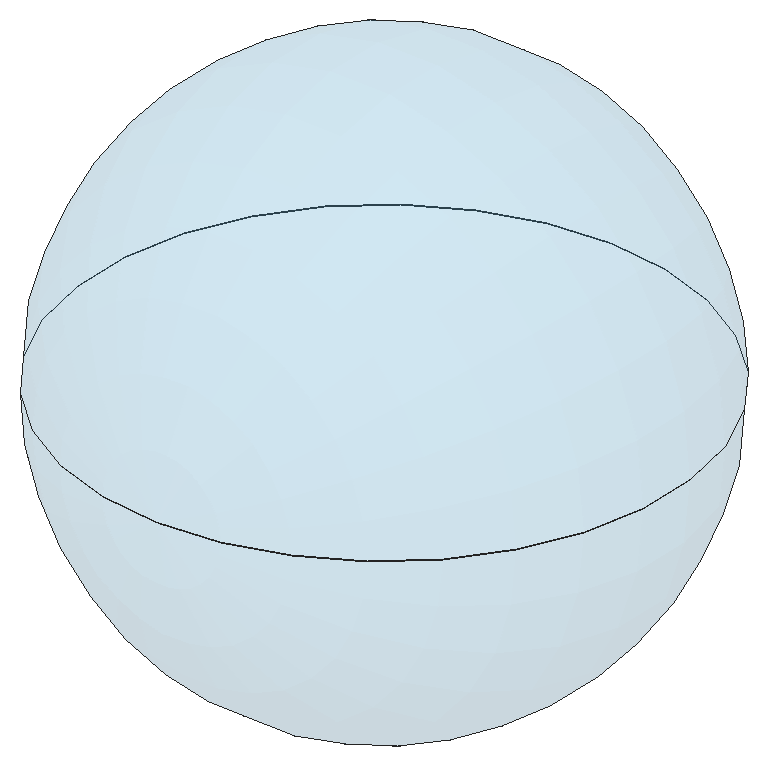
Revit family "bubble_Clash_Shared_Para", category Generic Models, Revit 2019
Family settings
  Can host rebar = No
  Round Connector Dimension = Use Diameter
  Part Type = Normal
  Work Plane-Based = No
  Always vertical = Yes
  Cut with Voids When Loaded = Yes
  Shared = Yes
  Room Calculation Point = No
Parameters
  Radius [instance] = if(abs(Clash_Distance) * 65 mm * 100 < 100 mm, 100 mm, if(abs(Clash_Distance) * 65 mm * 100 > 200 mm, 200 mm, abs(Clash_Distance) * 65 mm * 100))  # 100 mm
  Clash_Solved [instance] = no
  Clash_Remark [instance] = ""
  Clash_Name [instance] = ""
  Clash_Item_2 [instance] = ""
  Clash_Item_1 [instance] = ""
  Clash_Grid_Location [instance] = ""
  Clash_Element_ID_2 [instance] = ""
  Clash_Element_ID_1 [instance] = ""
  Clash_Distance [instance] = 0
  Clash_Discipline [instance] = ""
  Clash_CBWD [instance] = no
Reference planes
  plane 1 "Center (Front/Back)": y = 0
  plane 2: z = 0
  plane 3 "Center (Left/Right)": x = 0
Forms (mm)
  Revolve 1, solid, material "Glass"
    sketch origin (0, 0, 0) x (1, 0, 0) y (0, 1, 0)
      loop
        arc (0, 100) -> (-100, 0) -> (0, -100) r 100
        line (0, -100) -> (0, 100)
      axis (0, -100) -> (0, 100)
    angle from 0 to 360
Dimensions and locks
  "Radius": radius of Revolve 1 sketch curve
  aligned and locked: level to plane 2
Automatic sketch dimensions
  Revolve 1 sketch curve to plane 3 "Center (Left/Right)" = 0 mm  (x2)
  plane 1 "Center (Front/Back)" to Revolve 1 sketch curve = 0 mm
  Revolve 1 sketch curve to Revolve 1 sketch curve = 1900 mm  (x2)
